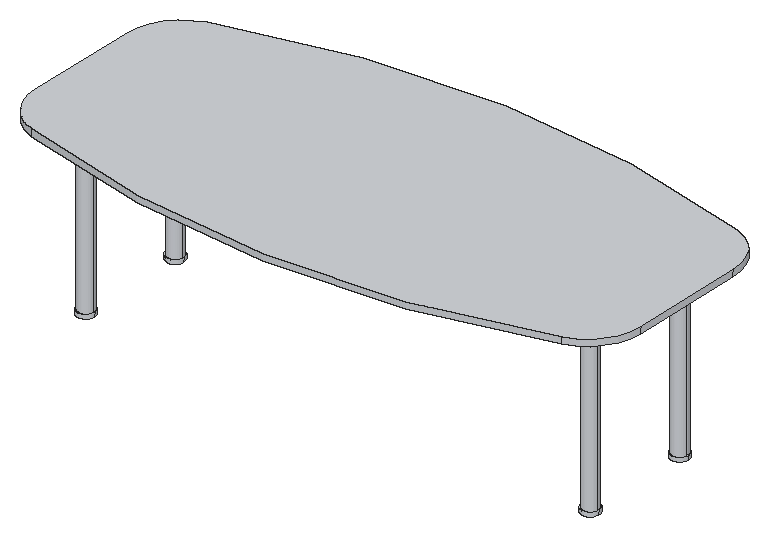
Revit family
Parameters (values of type "2400 x 1200")
  Material Table = none
  Model = ""
  Manufacturer = "Revit"
  Material Leg = none
  Keynote = "N"
  Description = "Board Table"
  Assembly Code = "E2020200"
Reference planes
  plane 1 "Center (Front/Back)": y = 0
  plane 2: z = 0
  plane 3 "Center (Left/Right)": x = 0
  plane 4: y = -221.174
  plane 5: y = 221.174
Forms (mm)
  Extrusion 1, solid, material <- "Material Table"
    sketch origin (0, 0, 0) x (1, 0, 0) y (0, 1, 0)
      loop
        arc (1051.36, 440.482) -> (0, 607.301) -> (-1051.36, 440.482) r 3396.449
        arc (-1051.36, 440.482) -> (-1158.921, 362.266) -> (-1200, 235.776) r 215.279
        line (-1200, 235.776) -> (-1200, -221.174)
        arc (-1200, -221.174) -> (-1158.921, -347.664) -> (-1051.36, -425.88) r 215.279
        arc (-1051.36, -425.88) -> (0, -592.699) -> (1051.36, -425.88) r 3396.449
        arc (1051.36, -425.88) -> (1158.921, -347.664) -> (1200, -221.174) r 215.279
        line (1200, -221.174) -> (1200, 235.776)
        arc (1200, 235.776) -> (1158.921, 362.266) -> (1051.36, 440.482) r 215.279
    from 700 to 725
Lines and regions (mm)
  Masking region 1
    outline origin (0, 0, 0) x (1, 0, 0) y (0, 1, 0)
      loop
        arc (1051.36, 440.482) -> (0, 607.301) -> (-1051.36, 440.482) r 3396.449
        arc (-1051.36, 440.482) -> (-1158.921, 362.266) -> (-1200, 235.776) r 215.279
        line (-1200, 235.776) -> (-1200, -221.174)
        arc (-1200, -221.174) -> (-1158.921, -347.664) -> (-1051.36, -425.88) r 215.279
        arc (-1051.36, -425.88) -> (0, -592.699) -> (1051.36, -425.88) r 3396.449
        arc (1051.36, -425.88) -> (1158.921, -347.664) -> (1200, -221.174) r 215.279
        line (1200, -221.174) -> (1200, 235.776)
        arc (1200, 235.776) -> (1158.921, 362.266) -> (1051.36, 440.482) r 215.279
  symbolic lines
    curve 1: arc (1051.36, 440.482, 0) -> (0, 607.301, 0) -> (-1051.36, 440.482, 0) r 3396.449
    curve 2: arc (-1051.36, 440.482, 0) -> (-1158.921, 362.266, 0) -> (-1200, 235.776, 0) r 215.279
    curve 3: line (-1200, 235.776, 0) -> (-1200, -221.174, 0)
    curve 4: arc (-1200, -221.174, 0) -> (-1158.921, -347.664, 0) -> (-1051.36, -425.88, 0) r 215.279
    curve 5: arc (-1051.36, -425.88, 0) -> (0, -592.699, 0) -> (1051.36, -425.88, 0) r 3396.449
    curve 6: arc (1051.36, -425.88, 0) -> (1158.921, -347.664, 0) -> (1200, -221.174, 0) r 215.279
    curve 7: line (1200, -221.174, 0) -> (1200, 235.776, 0)
    curve 8: arc (1200, 235.776, 0) -> (1158.921, 362.266, 0) -> (1051.36, 440.482, 0) r 215.279
Dimensions and locks
  aligned and locked: Extrusion 1 to nested 1
  aligned: Masking region 1 sketch curve to curve 1
  aligned: Masking region 1 sketch curve to curve 2
  aligned: Masking region 1 sketch curve to curve 3
  aligned: Masking region 1 sketch curve to curve 4
  aligned: Masking region 1 sketch curve to curve 5
  aligned: Masking region 1 sketch curve to curve 6
  aligned: Masking region 1 sketch curve to curve 7
  aligned: Masking region 1 sketch curve to curve 8
Nested families
  nested 1: "Leg" at (-999.884, -221.174, 0), type "Height 700mm"
  nested 2: "Leg" at (-999.884, 221.174, 0), type "Height 700mm"
  nested 3: "Leg" at (999.884, -221.174, 0) x (-1, 0, 0) z (0, 0, 1), type "Height 700mm"
  nested 4: "Leg" at (999.884, 221.174, 0) x (-1, 0, 0) z (0, 0, 1), type "Height 700mm"
Definition of nested family "Leg"
  Parameters (values of type "Height 700mm")
    Model = "Abacus"
    Manufacturer = "LM"
    Leg Material = none
    Description = "Table Leg"
    Assembly Code = "E2020200"
  Reference planes
    plane 1 "Center (Front/Back)": y = 0
    plane 2: z = 0
    plane 3 "Center (Left/Right)": x = 0
  Forms (mm)
    Revolve 1, solid, material <- "Leg Material"
      sketch origin (0, 0, 0) x (1, 0, 0) y (0, 0, 1)
        loop
          line (0, 15) -> (0, 700) -> (-43, 700) -> (-33, 650) -> (-30, 650) -> (-30, 15) -> (0, 15)
        axis (0, 15) -> (0, 700)
      angle from 0 to 360
    Extrusion 2, solid, material <- "Leg Material"
      sketch origin (0, 0, 0) x (1, 0, 0) y (0, 1, 0)
        loop
          circle (0, 0) r 35
      from 0 to 15
  Dimensions and locks
    aligned and locked: plane 3 "Center (Left/Right)" to Revolve 1 sketch curve
    aligned and locked: Revolve 1 to Extrusion 2
